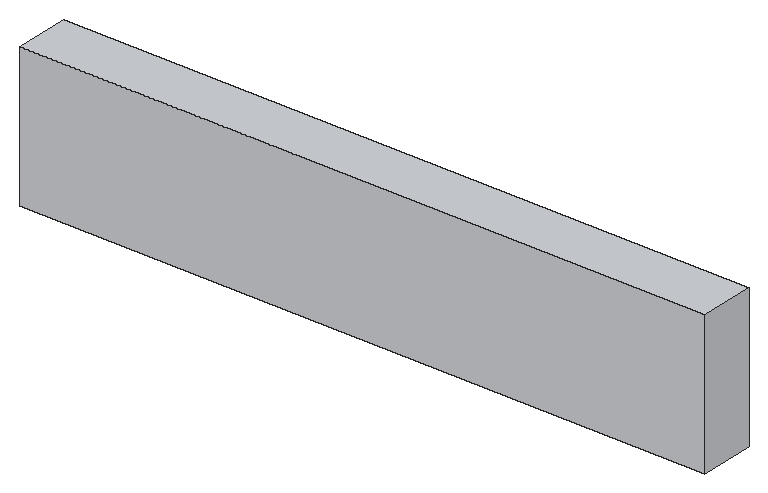
Revit family "Beam", category Structural Framing, Revit 2026
Family settings
  Display in Hidden Views = Edges Hidden by Other Members
  Section Shape = Not Defined
  Material for Model Behavior = Concrete
  Always export as geometry = No
  Always vertical = Yes
  Cut with Voids When Loaded = No
  Symbolic Representation = From Family
  Shared = No
  Show family pre-cut in plan views = Yes
Parameters (values of type "Beam 200x520")
  Width = 200 mm
  Length [instance] = 3000 mm
  Height = 520 mm
Types (13, lengths in mm): name | Width | Height
  Beam 240x650 | 240 | 650
  Beam 220x1100 | 220 | 1100
  Beam 300x600 | 300 | 600
  Beam 200x515 | 200 | 515
  Beam 220x480 | 220 | 480
  Beam 200x570 | 200 | 570
  Beam 200x420 | 200 | 420
  Beam 200x800 | 200 | 800
  Beam 250x600 | 250 | 600
  Beam 200x500 | 200 | 500
  Beam 200x520 | 200 | 520
  Beam 220x600 | 220 | 600
  Beam 200x800 Timber | 200 | 800
Reference planes
  plane 1 "Center (Front/Back)": y = 0
  plane 2 "Center Elevation": z = 0
  plane 3 "Center (Left/Right)": x = 0
  plane 4 "Left": x = -1500
  plane 5 "Member Left": x = -1250
  plane 6 "Stick Symbol Left": x = -1000
  plane 7 "Right": x = 1500
  plane 8 "Member Right": x = 1250
  plane 9 "Stick Symbol Right": x = 1000
  plane 10: y = 100
  plane 11: y = -100
  plane 12: z = 0
  plane 13: z = -300
Forms (mm)
  Extrusion 1, solid, detail levels medium+fine
    sketch origin (0, 0, -150) x (0, 1, 0) y (0, 0, 1)
      loop
        line (100, 370) -> (-100, 370) -> (-100, -150) -> (100, -150) -> (100, 370)
    from -1250 to 1250
Dimensions and locks
  equal spacing: plane 4 "Left", plane 3 "Center (Left/Right)", plane 7 "Right"
  "Length": plane 4 "Left" to plane 7 "Right"
  "Height": Extrusion 1 to Extrusion 1
  "Width": Extrusion 1 to Extrusion 1
  plane 1 "Center (Front/Back)" to Extrusion 1 sketch curve = 100 mm
  Extrusion 1 to level to Extrusion 1 = 300 mm, 220 mm
  aligned and locked: plane 10 to Extrusion 1 sketch curve
  aligned and locked: plane 13 to Extrusion 1 sketch curve
  aligned and locked: plane 5 "Member Left" to Extrusion 1
  aligned and locked: Extrusion 1 to plane 8 "Member Right"
  aligned and locked: level to plane 2 "Center Elevation"
Automatic sketch dimensions
  level to Extrusion 1 sketch curve = 220 mm
